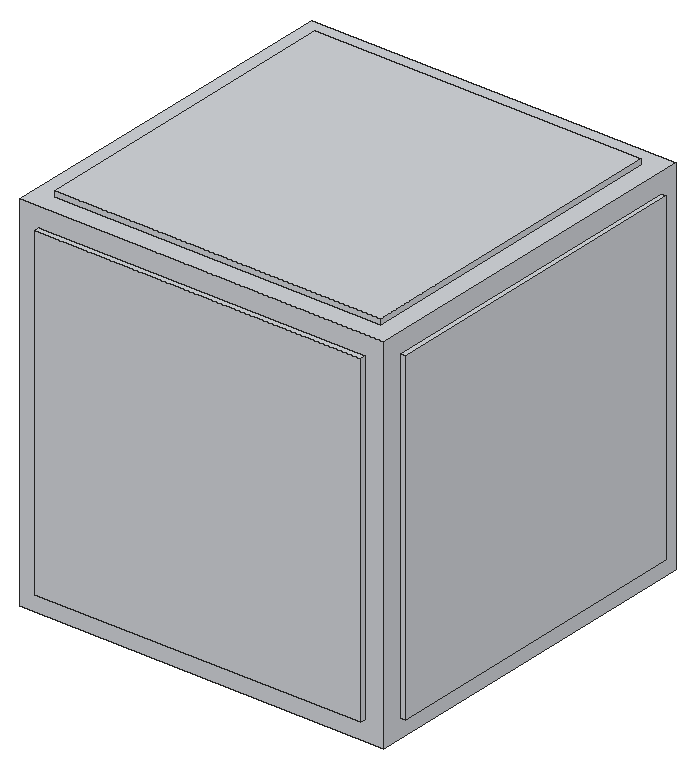
Revit family "Kostka_01", category Generic Models, Revit 2026
Family settings
  Can host rebar = No
  Round Connector Dimension = Use Diameter
  Part Type = Normal
  Work Plane-Based = No
  Always vertical = Yes
  Cut with Voids When Loaded = No
  Maintain Annotation Orientation = No
  Shared = No
  Room Calculation Point = No
Parameters (values of type "Typ_01")
  h_okladzina = 15 mm
  a_okladzina = a - 100 mm  # 850 mm
  a = 950 mm
  Vis_Face_6 = yes
  Vis_Face_5 = yes
  Vis_Face_4 = yes
  Vis_Face_3 = yes
  Vis_Face_2 = yes
  Vis_Face_1 = yes
  Material_Face_6 = none
  Material_Face_5 = none
  Material_Face_4 = none
  Material_Face_3 = none
  Material_Face_2 = none
  Material_Face_1 = none
  Face_Thickness = 0 mm
  Default Elevation = 0 mm
  Cubelet_Type = ""
  Cube_Size_Z = 0 mm
  Cube_Size_Y = 0 mm
  Cube_Size_X = 0 mm
  Cube_Description = ""
Reference planes
  plane 1 "Center (Front/Back)": y = 0
  plane 2: z = 0
  plane 3 "Center (Left/Right)": x = 0
  plane 4: x = -475
  plane 5: x = 475
  plane 6: y = 475
  plane 7: y = -475
  plane 8: z = 475
  plane 9: z = -475
Forms (mm)
  Extrusion 1, solid
    sketch origin (0, 0, 0) x (1, 0, 0) y (0, 1, 0)
      loop
        line (-475, 475) -> (-475, -475) -> (475, -475) -> (475, 475) -> (-475, 475)
    from -475 to 475
Dimensions and locks
  equal spacing: plane 4, plane 3 "Center (Left/Right)", plane 5
  equal spacing: plane 6, plane 1 "Center (Front/Back)", plane 7
  "a": plane 4 to plane 5
  "a": plane 6 to plane 7
  equal spacing: plane 8, level, plane 9
  "a": plane 8 to plane 9
  aligned and locked: level to plane 2
  aligned and locked: Extrusion 1 sketch curve to plane 5
  aligned and locked: Extrusion 1 sketch curve to plane 6
  aligned and locked: plane 4 to Extrusion 1 sketch curve
  aligned and locked: plane 7 to Extrusion 1 sketch curve
  aligned and locked: plane 8 to Extrusion 1
  aligned and locked: Extrusion 1 to plane 9
  aligned and locked: nested 1 to level
  aligned and locked: nested 5 to level
  aligned and locked: plane 1 "Center (Front/Back)" to nested 6
  aligned and locked: nested 3 to plane 1 "Center (Front/Back)"
  aligned and locked: nested 2 to plane 1 "Center (Front/Back)"
  aligned and locked: nested 2 to level
  aligned and locked: plane 1 "Center (Front/Back)" to nested 4
  aligned and locked: nested 4 to level
  aligned and locked: nested 5 to plane 3 "Center (Left/Right)"
  aligned and locked: nested 1 to plane 3 "Center (Left/Right)"
  aligned and locked: nested 3 to plane 3 "Center (Left/Right)"
  aligned and locked: nested 6 to plane 3 "Center (Left/Right)"
Nested families
  nested 1: "Family3" at (0, -475, 0) x (1, 0, 0) z (0, -1, 0), visible <- "Vis_Face_2", type "Y-"
    with h 15 mm, a 850 mm
  nested 2: "Family3" at (475, 0, 0) x (0, 1, 0) z (1, 0, 0), visible <- "Vis_Face_4", type "X+"
    with h 15 mm, a 850 mm
  nested 3: "Family3" at (0, 0, 475) x (-1, 0, 0) z (0, 0, 1), visible <- "Vis_Face_5", type "Z+"
    with h 15 mm, a 850 mm
  nested 4: "Family3" at (-475, 0, 0) x (0, -1, 0) z (-1, 0, 0), visible <- "Vis_Face_3", type "X-"
    with h 15 mm, a 850 mm
  nested 5: "Family3" at (0, 475, 0) x (-1, 0, 0) z (0, 1, 0), visible <- "Vis_Face_1", type "Y+"
    with h 15 mm, a 850 mm
  nested 6: "Family3" at (0, 0, -475) x (-1, 0, 0) z (0, 0, -1), visible <- "Vis_Face_6", type "Z-"
    with h 15 mm, a 850 mm
Definition of nested family "Family3"
  Parameters (values of type "Family3")
    h = 621.895 mm
    a = 80 mm
    Mat_01 = none
    Default Elevation = 1219.2 mm
  Reference planes
    plane 1 "Center (Front/Back)": y = 0
    plane 2: z = 0
    plane 3 "Center (Left/Right)": x = 0
    plane 4: x = -40
    plane 5: y = 40
    plane 6: x = 40
    plane 7: y = -40
    plane 8: z = 621.895
  Forms (mm)
    Extrusion 1, solid
      sketch origin (0, 0, 0) x (1, 0, 0) y (0, 1, 0)
        loop
          line (-1219.2, 1219.2) -> (-1219.2, -1219.2) -> (1219.2, -1219.2) -> (1219.2, 1219.2) -> (-1219.2, 1219.2)
      from 0 to -304.8
    Extrusion 2, solid, material <- "Mat_01"
      sketch origin (0, 0, 0) x (1, 0, 0) y (0, 1, 0)
        loop
          line (-40, 40) -> (-40, -40) -> (40, -40) -> (40, 40) -> (-40, 40)
      from 0 to 621.895
  Dimensions and locks
    equal spacing: plane 4, plane 3 "Center (Left/Right)", plane 6
    equal spacing: plane 5, plane 1 "Center (Front/Back)", plane 7
    "a": plane 4 to plane 6
    "a": plane 5 to plane 7
    "h": plane 8 to level
    aligned and locked: plane 2 to Extrusion 1
    aligned and locked: level to Extrusion 1
    aligned and locked: Extrusion 2 to level
    aligned and locked: Extrusion 2 to plane 4
    aligned and locked: plane 5 to Extrusion 2
    aligned and locked: plane 6 to Extrusion 2
    aligned and locked: plane 7 to Extrusion 2
    aligned and locked: plane 8 to Extrusion 2
  Automatic sketch dimensions
    Extrusion 1 sketch curve to Extrusion 1 sketch curve = 2438.4 mm  (x2)
    Extrusion 2 sketch curve to plane 7 = 0 mm
    Extrusion 2 sketch curve to plane 3 "Center (Left/Right)" = 40 mm
    Extrusion 2 sketch curve to plane 6 = 0 mm
    Extrusion 2 sketch curve to plane 5 = 0 mm
